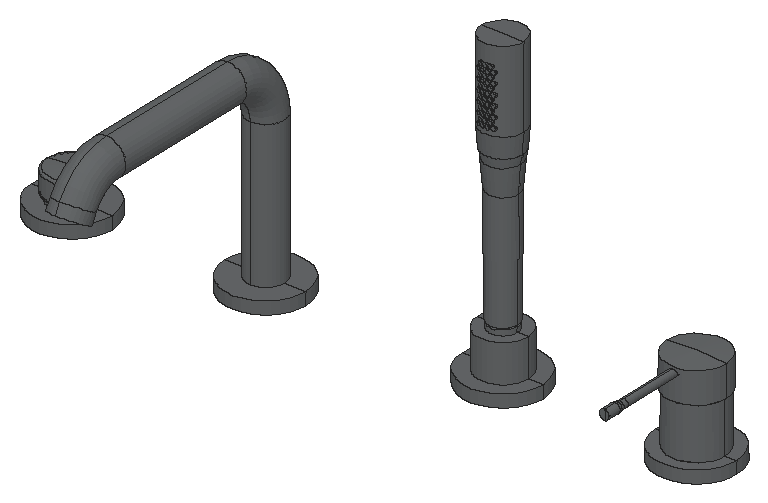
Revit family "Grohe_BathCombination_25251KF1", category Plumbing Fixtures, host Face, Revit 2020
Family settings
  Host = Face
  Round Connector Dimension = Use Diameter
  Part Type = Normal
  OmniClass Number = 23.45.05.00
  OmniClass Title = Sanitary Equipment
  Cut with Voids When Loaded = No
  Shared = No
  Room Calculation Point = No
Parameters (values of type "Bath Combination (25251KF1)")
  _ObjectUserGuide = "https://www.bimstore.co/products/grohe-25251kf1/document/object-user-guide"
  _DistributedBy = "https://www.bimstore.co/"
  _CurrentRevision = 1
  _CreatedBy = "https://www.bimstore.co/"
  _BimSpecGuid = 0
  _BSBibleVersion = 17
  _AuthorizedBy = "bimstore"
  _Author = "RL 171"
  WarrantyStartDate [instance] = "Please Record on Commissioning"
  WarrantyGuarantorParts = "info-uk@grohe.com"
  WarrantyGuarantorLabor = "info-uk@grohe.com"
  WarrantyDurationUnit = "Years"
  WarrantyDurationParts = "0"
  WarrantyDurationLabor = "0"
  WarrantyDescription = "n/a"
  URL = "https://www.grohe.co.uk/en_gb/-25251KF1.html"
  TypeName = "Bath Combination"
  Type Comments = "Bath Combination"
  TPIDocumentLink = "https://cdn.cloud.grohe.com/tpi/2000/2200/2210/2210/2210771/original/2210771.pdf"
  SustainabilityReport = "green.grohe.com/reporting"
  SustainabilityAward = "green.grohe.com/awards"
  SpareParts = "info-uk@grohe.com"
  Size = "n/a"
  Shape = "n/a"
  SerialNumber [instance] = "Please Record on Commissioning"
  ReplacementCost = "n/a"
  ReferencedStandard = "n/a"
  ProductionYear = "2023"
  ProductType = "Single Lever Mixer"
  ProductShortText = "Four-hole single-lever bath combination"
  ProductNumber = "25251KF1"
  ProductDescription = "GROHE SilkMove 35 mm ceramic cartridge\r\n\r\nwith temperature limiter\r\n\r\nGROHE Long-Life finish\r\n\r\nconsisting of:\r\n\r\npre-assembled spout fixing\r\n\r\nsingle lever mixer operating element\r\n\r\nmetal lever\r\n\r\nbath inlet with mousseur\r\n\r\ndiverter bath/shower\r\n\r\nhand shower\r\n\r\nmetal shower hose 2000 mm (always chrome for any colour of the set)\r\n\r\nflexible connection hoses\r\n\r\nconnection for shower hose\r\n\r\nprotected against backflow\r\n\r\nfor use with 29 037 000\r\n\r\nmin. recommended pressure 1.0 bar\r\n\r\nprofessional exclusive"
  PrimaryMaterial = Grohe_Black
  PQDiagramLink = "https://cdn.cloud.grohe.com/PQCharts/lores/2/252/original/25251KF1-pqchart-en_GB.svg"
  NominalLength = 0 mm
  NominalHeight = 0 mm
  NominalDepth = 0 mm
  NBSReference = "45-35-70/293"
  NBSOfficeMasterTag = "n/a"
  NBSObjectName = "Grohe - Shower fittings package"
  NBSNote = "n/a"
  NBSDescription = "Shower fittings package"
  ModelReference = "Bath Combination"
  ModelNumber = "25251KF1"
  Model = "Bath Combination"
  Material = "n/a"
  ManufacturerName = "Grohe"
  Manufacturer = "Grohe"
  Keynote = "N16"
  InstallationVideo = "n/a"
  InstallationDate [instance] = "Please Record on Commissioning"
  IfcExportType = "IfcPipeFittingType"
  IfcExportAs = "IfcPipeFitting"
  Grade = "n/a"
  GROHESustainability = "green.grohe.com"
  GROHESocialCommittment = "green.grohe.com/social_engagement"
  FullRecyclabilityOfPlastic = "All plastic components are fully recycable"
  Finish = "Black"
  Features = "n/a"
  ExpectedLife = 0
  Ecojoy = no
  DurationUnit = "Years"
  DocumentationTechnical = "https://www.bimstore.co/products/grohe-25251kf1/document/technical-data-sheet"
  DocumentationMaintenance = "https://www.bimstore.co/products/grohe-25251kf1/document/maintenance-information"
  DocumentationLiterature = "https://www.bimstore.co/products/grohe-25251kf1/document/product-literature"
  DocumentationInstallationGuide = "https://www.bimstore.co/products/grohe-25251kf1/document/installation-guide"
  DocumentationCertificates = "https://www.bimstore.co/products/grohe-25251kf1/document/product-certificates"
  DimensionsDocumentLink = "https://cdn.cloud.grohe.com/dimdraw/1000/1800/1860/1866/1866884/1280/1866884.jpg"
  Description = "Bath Combination"
  Default Elevation = 0 mm
  CreatedOn = "2023-12-05T:09:00:00"
  CreatedBy = "info-uk@grohe.com"
  CradleToCradleCertification = "n/a"
  Cost = 0
  Constituents = "n/a"
  Color = "Grohe_Black"
  CodePerformance = "n/a"
  ClassificationValue = "Pr_40_20_87_55"
  ClassificationName = "Uniclass2015"
  CO2NeutralProduction = "GROHE is one of the first leading manufacturer within the sanitary industry having a CO2-neutral production."
  BarCode [instance] = "Please Record on Commissioning"
  BIMObjectName = "Grohe_BathCombination_25251KF1"
  AssetType = "Fixed"
  AssetIdentifier [instance] = "n/a"
  Assembly Code = "D2013"
  AccessibilityPerformance = "n/a"
Reference planes
  plane 1 "Center (Front/Back)": y = 0
  plane 2: z = 0
  plane 3 "Center (Left/Right)": x = 0
  plane 4: x = 249.907
  plane 5: x = -249.907
Forms (mm)
  Revolve 1, solid, material "Grohe_Black" <- "PrimaryMaterial"
    sketch origin (0, 0, 0) x (1, 0, 0) y (0, 0, 1)
      loop
        line (-282.407, 0) -> (-250, 0) -> (-250, 35.068)
        arc (-250, 35.068) -> (-259.467, 34.651) -> (-268.86, 33.403) r 107.67
        arc (-268.86, 33.403) -> (-270.094, 32.689) -> (-270.581, 31.349) r 2.087
        line (-270.581, 31.349) -> (-270.581, 16.475)
        arc (-270.581, 16.475) -> (-270.267, 15.715) -> (-269.507, 15.4) r 1.075
        line (-269.507, 15.4) -> (-267.674, 15.4) -> (-267.674, 10) -> (-282.407, 10) -> (-282.407, 0)
      axis (-250, 35.068) -> (-250, 0)
    angle from 0 to 360
  Revolve 2, solid, material "Grohe_Black" <- "PrimaryMaterial"
    sketch origin (344.981, 0, 0) x (1, 0, 0) y (0, 0, 1)
      loop
        line (-282.407, 0) -> (-250, 0) -> (-250, 250.452) -> (-266.981, 250.452) -> (-266.981, 185.541)
        arc (-266.981, 185.541) -> (-266.629, 177.198) -> (-265.574, 168.914) r 98.937
        line (-265.574, 168.914) -> (-264.315, 161.53)
        arc (-264.315, 161.53) -> (-262.904, 150.585) -> (-262.384, 139.562) r 135.993
        line (-262.384, 139.562) -> (-261.771, 45.452) -> (-259.556, 45.452) -> (-259.035, 43.851) -> (-261.473, 43.851) -> (-261.473, 40.05) -> (-270.481, 40.05) -> (-270.481, 10) -> (-282.407, 10) -> (-282.407, 0)
      axis (-250, 250.452) -> (-250, 0)
    angle from 0 to 360
  Revolve 3, solid, material "Grohe_Black" <- "PrimaryMaterial"
    sketch origin (499.907, 0, 0) x (1, 0, 0) y (0, 0, 1)
      loop
        line (-282.407, 0) -> (-250, 0) -> (-250, 77.743)
        arc (-250, 77.743) -> (-261.972, 77.397) -> (-273.904, 76.36) r 207.272
        line (-273.904, 76.36) -> (-274.129, 51.724) -> (-272.018, 51.724)
        arc (-272.018, 51.724) -> (-272.284, 51.208) -> (-272.538, 50.686) r 24.914
        line (-272.538, 50.686) -> (-272.912, 10) -> (-282.407, 10) -> (-282.407, 0)
      axis (-250, 77.743) -> (-250, 0)
    angle from 0 to 360
  Sweep 4, solid, material "Grohe_Black" <- "PrimaryMaterial"
    path origin (0, 0, 0) x (0, 1, 0) y (0, 0, 1)
      loop
        line (-197.062, 137.569) -> (-192.46, 145.54)
        arc (-192.46, 145.54) -> (-178.363, 159.637) -> (-159.107, 164.797) r 38.513
        line (-159.107, 164.797) -> (-38.027, 164.797)
        arc (-38.027, 164.797) -> (-11.138, 153.659) -> (0, 126.77) r 38.027
        line (0, 126.77) -> (0, 10)
    profile origin (0, 0, 68.385) x (1, 0, 0) y (0, 1, 0)
      loop
        circle (-95, 0) r 15
  Revolve 5, solid, material "Grohe_Black" <- "PrimaryMaterial"
    sketch origin (155, 0, 0) x (1, 0, 0) y (0, 0, 1)
      loop
        line (-282.407, 0) -> (-250, 0) -> (-250, 10) -> (-282.407, 10) -> (-282.407, 0)
      axis (-250, 10) -> (-250, 0)
    angle from 0 to 360
  Revolve 6, solid, material "Grohe_Black" <- "PrimaryMaterial"
    sketch origin (249.907, 0, 0) x (0, 1, 0) y (0, 0, 1)
      loop
        line (-20.272, 71.724) -> (-20.272, 74.852) -> (-72.846, 74.852)
        arc (-72.846, 74.852) -> (-75.05, 74.921) -> (-77.246, 75.128) r 35.215
        line (-77.246, 75.128) -> (-79.686, 75.435)
        arc (-79.686, 75.435) -> (-80.707, 75.531) -> (-81.732, 75.563) r 16.373
        line (-81.732, 75.563) -> (-92.003, 75.563) -> (-92.003, 71.724) -> (-20.272, 71.724)
      axis (-20.272, 71.724) -> (-92.003, 71.724)
    angle from 0 to 360
  Extrusion 7, solid, material "Grohe_Black" <- "PrimaryMaterial"
    sketch origin (0, 0, 0) x (1, 0, 0) y (0, 0, 1)
      loop
        circle (98.977, 235.456) r 1.5
      loop
        circle (90.985, 235.456) r 1.5
      loop
        circle (94.985, 235.456) r 1.5
      loop
        circle (98.977, 227.456) r 1.5
      loop
        circle (90.985, 227.456) r 1.5
      loop
        circle (94.985, 227.456) r 1.5
      loop
        circle (98.977, 219.456) r 1.5
      loop
        circle (90.985, 219.456) r 1.5
      loop
        circle (94.985, 219.456) r 1.5
      loop
        circle (98.977, 211.456) r 1.5
      loop
        circle (90.985, 211.456) r 1.5
      loop
        circle (94.985, 211.456) r 1.5
      loop
        circle (96.977, 231.456) r 1.5
      loop
        circle (88.985, 231.456) r 1.5
      loop
        circle (92.985, 231.456) r 1.5
      loop
        circle (100.977, 231.456) r 1.5
      loop
        circle (96.977, 223.456) r 1.5
      loop
        circle (88.985, 223.456) r 1.5
      loop
        circle (92.985, 223.456) r 1.5
      loop
        circle (100.977, 223.456) r 1.5
      loop
        circle (96.977, 215.456) r 1.5
      loop
        circle (88.985, 215.456) r 1.5
      loop
        circle (92.985, 215.456) r 1.5
      loop
        circle (100.977, 215.456) r 1.5
      loop
        circle (98.977, 203.456) r 1.5
      loop
        circle (90.985, 203.456) r 1.5
      loop
        circle (94.985, 203.456) r 1.5
      loop
        circle (96.977, 207.456) r 1.5
      loop
        circle (88.985, 207.456) r 1.5
      loop
        circle (92.985, 207.456) r 1.5
      loop
        circle (100.977, 207.456) r 1.5
      loop
        circle (98.977, 195.456) r 1.5
      loop
        circle (90.985, 195.456) r 1.5
      loop
        circle (94.985, 195.456) r 1.5
      loop
        circle (96.977, 199.456) r 1.5
      loop
        circle (88.985, 199.456) r 1.5
      loop
        circle (92.985, 199.456) r 1.5
      loop
        circle (100.977, 199.456) r 1.5
      loop
        circle (96.977, 191.456) r 1.5
      loop
        circle (88.985, 191.456) r 1.5
      loop
        circle (92.985, 191.456) r 1.5
      loop
        circle (100.977, 191.456) r 1.5
    from 0 to 19.8
  Revolve 8, void
    sketch origin (344.981, 0, 0) x (1, 0, 0) y (0, 0, 1)
      loop
        line (-267.981, 187.365) -> (-267.981, 250.452) -> (-277.981, 250.452) -> (-277.981, 187.365) -> (-267.981, 187.365)
      axis (-250, 250.452) -> (-250, 187.365)
    angle from 0 to 360
Cuts and joins
  Revolve 8 cuts Extrusion 7
  joined: Revolve 2, Extrusion 7
Dimensions and locks
  aligned and locked: plane 2 to host face
  aligned and locked: level to host face
